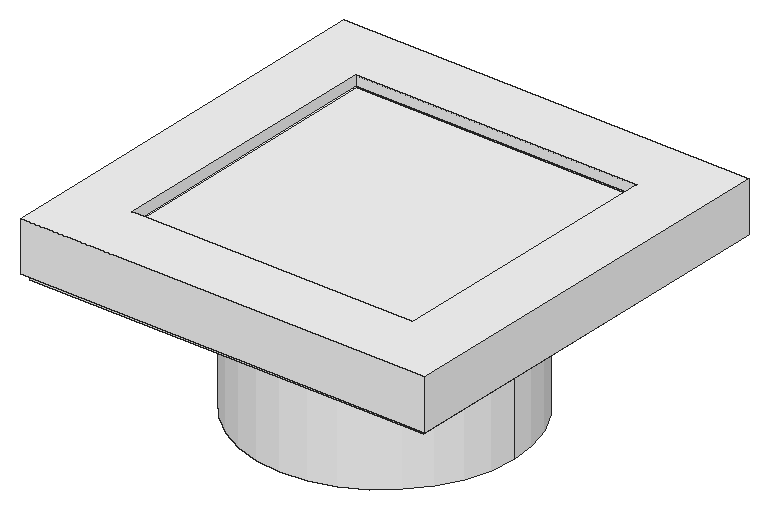
Revit family "Gira_228205", category Electrical Fixtures, host Face, Revit 2017
Family settings
  Host = Face
  Maintain Annotation Orientation = Yes
  Round Connector Dimension = Use Diameter
  Part Type = Normal
  Cut with Voids When Loaded = No
  Shared = No
  Room Calculation Point = No
Parameters (values of type "Lautsprecher UP-Radio RDS System 55 Schwarzglasoptik")
  Zusammenstellung = "Basiselement"
  White [instance] = White
  Werkstoffgüte = "sonstige"
  Werkstoff = "sonstige"
  URL = "http://katalog.gira.de/de_DE/datenblatt.html?artikelnr=228205"
  Transparent = "No"
  Region = "DE"
  Oberfläche = "sonstige"
  Name = "Lautsprecher UP-Radio RDS System 55 Schwarzglasoptik"
  Montageart = "unter Putz"
  Model = "Sys55_Komplettgerät_Schalten und Tasten"
  Manufacturer URL = "https://www.gira.de/"
  HeinzeBIM = "https://bimportal.heinze.de/bim/lautsprecher-up-radio-rds-system-55-schwarzglasoptik/324244d0223bc3f4206ff64858d69bedb1423652"
  Halogenfrei = "No"
  HAN = "228205"
  GTIN = "4010337889182"
  Farbe = "schwarz"
  Default Elevation = 1219.2 mm
  Data sheet (1) = "https://katalog.gira.de/de_DE/download.html?artikelnr=228205"
  Category = "Elektronik-Gerät für Installationsschalterprogramme"
  Befestigungsart = "Krallen-/Schraubbefestigung"
  Available = "Yes"
  Ausführung der Oberfläche = "glänzend"
  Ausführung = "Radio (*en-EN)"
Reference planes
  plane 1 "Center (Front/Back)": y = 0
  plane 2: z = 0
  plane 3 "Center (Left/Right)": x = 0
Forms (mm)
  Extrusion 1, solid, material "White" <- "White", detail levels medium
    sketch origin (0, 0, 0) x (1, 0, 0) y (0, 1, 0)
      loop
        line (-40.4, 40.4) -> (-40.4, -40.4) -> (40.4, -40.4) -> (40.4, 40.4) -> (-40.4, 40.4)
      loop
        line (-28, 28) -> (-28, -28) -> (28, -28) -> (28, 28) -> (-28, 28)
    from 0 to 10
  Extrusion 2, solid, material "White" <- "White", detail levels fine
    sketch origin (0, 0, 0) x (1, 0, 0) y (0, 1, 0)
      loop
        line (-40.4, 40.4) -> (-40.4, -40.4) -> (40.4, -40.4) -> (40.4, 40.4) -> (-40.4, 40.4)
      loop
        line (-28, 28) -> (-28, -28) -> (28, -28) -> (28, 28) -> (-28, 28)
    from 0 to 10
  Extrusion 3, void
    sketch origin (0, 0, 0) x (1, 0, 0) y (0, 1, 0)
      loop
        line (-38.4, 38.4) -> (-38.4, -38.4) -> (38.4, -38.4) -> (38.4, 38.4) -> (-38.4, 38.4)
    from 0 to 8
  Extrusion 4, solid, material "White" <- "White", detail levels medium+fine
    sketch origin (0, 0, 0) x (1, 0, 0) y (0, 1, 0)
      loop
        line (-39.4, 39.4) -> (-39.4, -39.4) -> (39.4, -39.4) -> (39.4, 39.4) -> (-39.4, 39.4)
    from 0 to -1
  Extrusion 5, solid, material "White" <- "White", detail levels medium+fine
    sketch origin (0, 0, 0) x (1, 0, 0) y (0, 1, 0)
      loop
        line (-35.5, 35.5) -> (-35.5, -35.5) -> (35.5, -35.5) -> (35.5, 35.5) -> (-35.5, 35.5)
    from -2 to -3
  Extrusion 6, solid, material "White" <- "White", detail levels medium+fine
    sketch origin (0, 0, 0) x (1, 0, 0) y (0, 1, 0)
      loop
        circle (0, 0) r 26
    from 0 to -27.5
  Extrusion 7, solid, material "White" <- "White", detail levels coarse
    sketch origin (0, 0, 0) x (1, 0, 0) y (0, 1, 0)
      loop
        line (-40.4, 40.4) -> (-40.4, -40.4) -> (40.4, -40.4) -> (40.4, 40.4) -> (-40.4, 40.4)
    from -27.5 to 10
Cuts and joins
  Extrusion 3 cuts Extrusion 2
Dimensions and locks
  aligned and locked: plane 2 to host face
  aligned and locked: level to host face
  aligned and locked: plane 3 "Center (Left/Right)" to nested 2
  aligned and locked: plane 1 "Center (Front/Back)" to nested 2
Nested families
  nested 1: "Sys55_Abdeckung_Schalten und Tasten_floor_base" at (0, 0, 0), type "Sys55_Abdeckung_Schalten und Tasten_floor_base"
  nested 2: "Schalter" at (0, 0, 0), type "Schalter"
Connectors
  electrical at (0, 0, -27.5)
    settings: on Extrusion 6, index 1, voltage 220 V, apparent load 0 VA, apparent load phase1 0 VA, apparent load phase2 0 VA, apparent load phase3 0 VA, power factor 1, load classification "Other", number of poles 1, system type 30, power factor state 1, is connector primary yes, connector utility no, sub classification motor no, connector description ""
Definition of nested family "Sys55_Abdeckung_Schalten und Tasten_floor_base"
  Parameters
    Default Elevation = 1219.2 mm
    White [instance] = none
  Reference planes
    plane 1 "Center (Front/Back)": y = 0
    plane 2: z = 0
    plane 3 "Center (Left/Right)": x = 0
  Forms (mm)
    Extrusion 1, solid
      sketch origin (0, 0, 0) x (1, 0, 0) y (0, 1, 0)
        loop
          line (-1219.2, 1219.2) -> (-1219.2, -1219.2) -> (1219.2, -1219.2) -> (1219.2, 1219.2) -> (-1219.2, 1219.2)
      from 0 to -304.8
    Extrusion 2, solid, material <- "White", detail levels fine
      sketch origin (0, 0, 0) x (1, 0, 0) y (0, 1, 0)
        loop
          line (-27.5, 27.5) -> (-27.5, -27.5) -> (27.5, -27.5) -> (27.5, 27.5) -> (-27.5, 27.5)
      from 0 to 8
    Extrusion 3, void
      sketch origin (0, 0, 0) x (1, 0, 0) y (0, 1, 0)
        loop
          line (26, 26) -> (-26, 26) -> (-26, -26) -> (26, -26) -> (26, 26)
      from 0 to 6
    Extrusion 4, solid, material <- "White", detail levels medium
      sketch origin (0, 0, 0) x (1, 0, 0) y (0, 1, 0)
        loop
          line (-27.5, 27.5) -> (-27.5, -27.5) -> (27.5, -27.5) -> (27.5, 27.5) -> (-27.5, 27.5)
      from 0 to 8
    Extrusion 5, solid, material <- "White", detail levels medium
      sketch origin (0, 0, 0) x (1, 0, 0) y (0, 1, 0)
        loop
          line (11, -17.5) -> (11, 17.5) -> (-11, 17.5) -> (-11, -17.5) -> (11, -17.5)
      from -6 to 6
    Extrusion 6, solid, material <- "White", detail levels fine
      sketch origin (0, 0, 0) x (1, 0, 0) y (0, 1, 0)
        loop
          line (11, 17.5) -> (-11, 17.5) -> (-11, 16.5) -> (11, 16.5) -> (11, 17.5)
        loop
          line (-11, -16.5) -> (-11, -17.5) -> (11, -17.5) -> (11, -16.5) -> (-11, -16.5)
      from -4 to 6
    Extrusion 7, solid, material <- "White", detail levels fine
      sketch origin (0, 0, 0) x (1, 0, 0) y (0, 1, 0)
        loop
          arc (5, 9.347) -> (0, 10.6) -> (-5, 9.347) r 10.6
          line (-5, 9.347) -> (-5, -9.347)
          arc (-5, -9.347) -> (0, -10.6) -> (5, -9.347) r 10.6
          line (5, -9.347) -> (5, 9.347)
      from -6 to 6
    Extrusion 8, solid, material <- "White", detail levels coarse
      sketch origin (0, 0, 0) x (1, 0, 0) y (0, 1, 0)
        loop
          line (-27.5, 27.5) -> (-27.5, -27.5) -> (27.5, -27.5) -> (27.5, 27.5) -> (-27.5, 27.5)
      from -6 to 8
  Cuts and joins
    Extrusion 3 cuts Extrusion 2
  Dimensions and locks
    aligned and locked: plane 2 to Extrusion 1
    aligned and locked: level to Extrusion 1
Definition of nested family "Schalter"
  Reference planes
    plane 1: y = 0
    plane 2: x = 0
  Lines and regions (mm)
    detail lines
      curve 1: circle (1.375, 2.778, 0) r 0.8 normal (0, 0, 1)
      curve 2: line (1.021, 2.061, 0) -> (0, 0, 0)
      curve 3: line (0, 0, 0) -> (-0.538, 0.266, 0)
  Dimensions and locks
    curve 2 to curve 2 = 2.3 mm
    curve 3 to curve 2 = 0.6 mm
    radius of curve 1 = 0.8 mm
